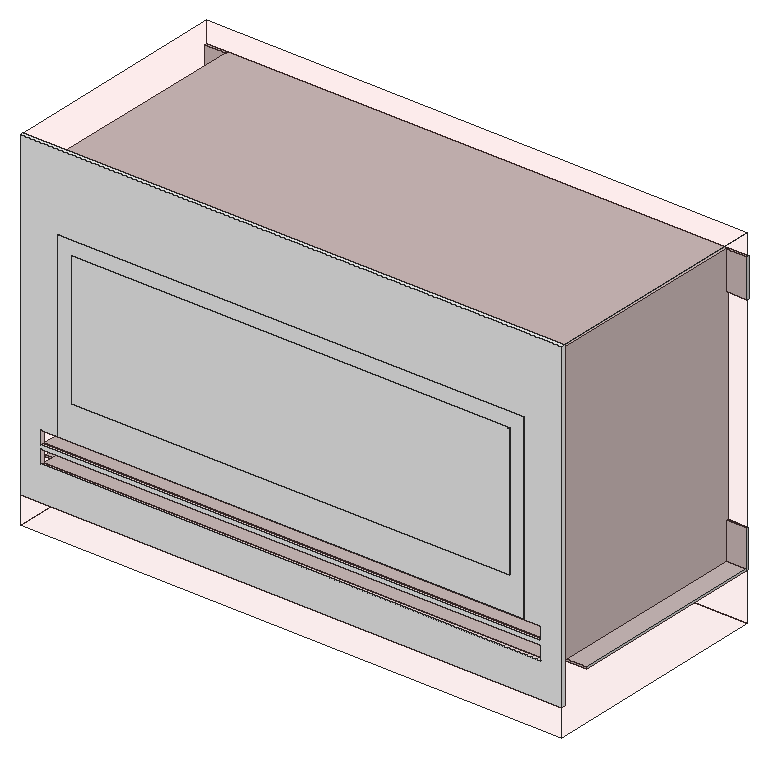
Revit family "Air-Curtain_Customer-Entry_PoweredAire_ECC", category Mechanical Equipment, host Face, Revit 2018
Family settings
  Host = Face
  Round Connector Dimension = Use Diameter
  Part Type = Normal
  OmniClass Number = 23.75.35.17.21
  OmniClass Title = Air Curtains
  Cut with Voids When Loaded = No
  Shared = No
  Room Calculation Point = No
Parameters
  Warranty Duration (Years) = 0
  Unit Width Notes = "Other Widths available."  # constant formula
  Unit Width = 3' - 3"
  Unit Weight = 0
  Unit Height = 1' - 4 3/4"
  Unit Depth = 1' - 11 1/4"
  URL = "http://www.poweredaire.com/"
  Test Data = ""
  Temperature Rise_Range = "as Specified"
  Standards Conformance = "as Specified"
  Specification = "http://www.arcat.com/sdspecs/htm04/23_34_33pai.htm"
  SpecWizard = ""
  Sound Pressure = "as Specified"
  Sales Information = "http://www.poweredaire.com/contact_us"
  Revision = "R1_2016-08"
  Projection from Host [instance] = 0' - 2"
  Product Properties = ""
  Product Data = "http://www.arcat.com/arcatcos/cos47/arc47623.html"
  Power Rating = 0 W
  Outlet Volume_Range = "as Specified"
  Outlet Velocity_Range = "as Specified"
  Nozzle Width = if(1 = 1, Unit Width - 0' 3", 0' 0")  # 3' - 0"
  Mounting Width = if(1 = 1, Unit Width - 0' 1 1/2", 0' 0")  # 3' - 1 1/2"
  Mounting Height [instance] = 3' - 6"
  Motor RPM = 0
  Motor HP = 0
  Motor Count = 0
  Model = "As Specified"
  Max Height = 0' - 0"
  Manufacturer Website = "http://www.poweredaire.com/"
  Manufacturer Phone - Toll Free = "888-321-2473"
  Manufacturer Phone = "724-588-3305"
  Manufacturer Fax = "724-588-3371"
  Manufacturer Address = "109 Mortensen Rd.  Greenville, PA 16125"
  Manufacturer = "Powered Aire, Inc"
  Maintenance Schedule (Months) = 0
  Keynote = "23 34 33"
  Installation-Fabrication = ""
  Installation Phase = ""
  Include Clearance [instance] = yes
  Heating Element Load = 0 W
  HVAC_Temperature Rise [instance] = 0 °F
  HVAC_Outlet Volume [instance] = 0 CFM
  HVAC_Outlet Velocity Uniformity = 0
  HVAC_Outlet Velocity [instance] = 0 FPM
  Green Building-LEED = "http://www.arcat.com/green/clients/leed_data_47623.html"
  Front Grating Material [instance] = Metal - Steel - PoweredAire - White Perforated
  Frame Finish [instance] = Metal - Steel - PoweredAire - Stainless 304
  Expected Lifespan (Years) = 0
  Electrical_Wattage [instance] = Power Rating + Heating Element Load  # 0 W
  Electrical_Voltage [instance] = 0 V
  Electrical_Phase [instance] = 1
  Electrical_Frequency [instance] = 0 Hz
  Electrical_Amperage [instance] = 0 A
  Drawn By = "Sumex Design, Inc. / Robert S. Weygant, CSI, CDT, SCIP"
  Description = "Powered Aire Air Curtain as Specified"
  Default Elevation = 0' - 0"  # constant formula
  Cover Finish [instance] = Metal - Steel - PoweredAire - White
  Copyright = "©Arcat Inc."
  Construction Details = "http://www.arcat.com/details/powair/prod3336.html"
  Clearance_Top [instance] = 0' - 0"
  Clearance_Side B [instance] = 0' - 0"
  Clearance_Side A [instance] = 0' - 0"
  Clearance_Intake [instance] = 0' - 0"
  Clearance_Front [instance] = 0' - 0"
  Clearance Material [instance] = ARCAT Clearance
  Building Codes = ""
  Available Options [instance] = "as Specified"
  Assembly Code = "D3090400"
Reference planes (in)
  plane 1 "Center (Elevation)": y = 8.51318
  plane 2: z = 0
  plane 3 "Center (Left/Right)": x = 0
  plane 4: y = 16.88818
  plane 5: y = 0.13818
  plane 6: x = -19.5
  plane 7: x = 19.5
  plane 8: z = 25.25
  plane 9 "FF": y = -41.86182
  plane 10: z = 2
  plane 11: x = 18
  plane 12: x = -18
  plane 13: y = 16.88818
  plane 14: y = 0.13818
  plane 15: x = -19.5
  plane 16: x = 19.5
  plane 17: z = 25.25
  plane 18: y = 0.38818
Forms (in)
  Extrusion 1, solid, material "ARCAT Clearance" <- "Clearance Material", visible <- "Include Clearance"
    sketch origin (0, 0, 0) x (0, 1, 0) y (0, 0, 1)
      loop
        line (0.13818, 25.25) -> (0.13818, 0) -> (16.88818, 0) -> (16.88818, 25.25) -> (0.13818, 25.25)
    from -19.5 to 19.5
  Extrusion 2, solid, material "Metal - Steel - PoweredAire - White" <- "Cover Finish"
    sketch origin (0, 8.51318, 0) x (1, 0, 0) y (0, 0, 1)
      loop
        line (-19.5, 25.25) -> (-19.5, 2) -> (19.5, 2) -> (19.5, 25.25) -> (-19.5, 25.25)
    from 8.125 to 8.375
  Extrusion 3, solid, material "Metal - Steel - PoweredAire - Stainless 304" <- "Frame Finish"
    sketch origin (0, 8.51318, 0) x (1, 0, 0) y (0, 0, 1)
      loop
        line (18, 23.75) -> (-18, 23.75) -> (-18, 3.5) -> (18, 3.5) -> (18, 23.75)
    from -8.375 to 8.125
  Extrusion 4, void
    sketch origin (0, 0, 0) x (0, 1, 0) y (0, 0, 1)
      loop
        line (0.13818, 5.5) -> (0.13818, 4.5) -> (1.88818, 4.5) -> (1.88818, 6.75) -> (0.13818, 6.75) -> (0.13818, 5.75) -> (1.63818, 5.75) -> (1.63818, 5.5) -> (0.13818, 5.5)
    from -18 to 18
  Extrusion 5, solid, material "Metal - Steel - PoweredAire - White" <- "Cover Finish"
    sketch origin (-11.83813, 0.13818, 48) x (-1, 0, 0) y (0, 0, 1)
      loop
        line (4.91187, -41.25) -> (4.91187, -28.25) -> (-28.58813, -28.25) -> (-28.58813, -41.25) -> (4.91187, -41.25)
    from 0 to -0.03125
  Extrusion 6, solid, material "Metal - Steel - PoweredAire - White Perforated" <- "Front Grating Material"
    sketch origin (-11.83813, 0.10693, 48) x (1, 0, 0) y (0, 0, 1)
      loop
        line (-3.91187, -29.25) -> (-3.91187, -38.75) -> (27.58813, -38.75) -> (27.58813, -29.25) -> (-3.91187, -29.25)
    from 0 to 0.03125
  Extrusion 7, solid, material "Metal - Steel - PoweredAire - Stainless 304" <- "Frame Finish"
    sketch origin (-15.17702, -180, 2) x (-1, 0, 0) y (0, -1, 0)
      loop
        line (-33.17702, -196.88818) -> (-33.17702, -182.38818) -> (-34.67702, -182.38818) -> (-34.67702, -196.88818) -> (-33.17702, -196.88818)
      loop
        line (2.82298, -196.88818) -> (4.32298, -196.88818) -> (4.32298, -182.38818) -> (2.82298, -182.38818) -> (2.82298, -196.88818)
    from 1.5 to 1.625
  Extrusion 8, solid, material "Metal - Steel - PoweredAire - Stainless 304" <- "Frame Finish"
    sketch origin (-11.83813, 16.88818, 48) x (-1, 0, 0) y (0, 0, 1)
      loop
        line (7.66187, -44.5) -> (7.66187, -41.75) -> (6.16187, -41.75) -> (6.16187, -44.5) -> (7.66187, -44.5)
      loop
        line (-31.33813, -44.5) -> (-29.83813, -44.5) -> (-29.83813, -41.75) -> (-31.33813, -41.75) -> (-31.33813, -44.5)
      loop
        line (7.66187, -27) -> (7.66187, -24.25) -> (6.16187, -24.25) -> (6.16187, -27) -> (7.66187, -27)
      loop
        line (-31.33813, -27) -> (-29.83813, -27) -> (-29.83813, -24.25) -> (-31.33813, -24.25) -> (-31.33813, -27)
    from 0 to -0.125
Cuts and joins
  Extrusion 4 cuts Extrusion 2
  Extrusion 4 cuts Extrusion 3
Dimensions and locks (in)
  equal spacing: plane 4, plane 1 "Center (Elevation)", plane 5
  "Unit Height": plane 4 to plane 5
  equal spacing: plane 6, plane 3 "Center (Left/Right)", plane 7
  "Unit Width": plane 6 to plane 7
  "Mounting Height": plane 5 to plane 9 "FF"
  "Projection from Host": plane 10 to level
  "Unit Depth": plane 8 to plane 10
  locked: plane 6 to plane 12 at 1.5
  locked: plane 11 to plane 7 at 1.5
  "Clearance_Side A": plane 7 to plane 16
  "Clearance_Side B": plane 15 to plane 6
  "Clearance_Top": plane 13 to plane 4
  "Clearance_Intake": plane 5 to plane 14
  "Clearance_Front": plane 17 to plane 8
  locked: plane 8 to Extrusion 3 sketch curve at 1.5
  locked: Extrusion 3 sketch curve to plane 10 at 1.5
  locked: plane 7 to Extrusion 3 sketch curve at 1.5
  locked: Extrusion 3 sketch curve to plane 6 at 1.5
  locked: plane 18 to plane 5 at 0.25
  Extrusion 4 sketch curve to Extrusion 4 sketch curve to Extrusion 4 sketch curve to Extrusion 4 sketch curve to plane 10 = 0' - 1" locked, 0' - 0 1/4" locked, 0' - 1" locked, 0' - 2 1/2" locked
  Extrusion 5 sketch curve to Extrusion 5 sketch curve to plane 10 = 1' - 1" locked, 0' - 4 3/4" locked
  locked: plane 11 to Extrusion 5 sketch curve at 1.25
  locked: Extrusion 5 sketch curve to plane 12 at 1.25
  Extrusion 6 sketch curve to Extrusion 6 sketch curve to plane 10 = 0' - 9 1/2" locked, 0' - 7 1/4" locked
  locked: Extrusion 6 sketch curve to plane 12 at 2.25
  locked: plane 11 to Extrusion 6 sketch curve at 2.25
  locked: plane 4 to Extrusion 7 sketch curve at 14.5  (x2)
  Extrusion 8 sketch curve to Extrusion 8 sketch curve to Extrusion 8 sketch curve to Extrusion 8 sketch curve to plane 10 = 0' - 2 3/4" locked, 1' - 2 3/4" locked, 0' - 2 3/4" locked, 0' - 1 1/2" locked  (x2)
  aligned and locked: plane 2 to host face
  aligned and locked: level to host face
  aligned and locked: Extrusion 1 sketch curve to plane 17
  aligned and locked: plane 14 to Extrusion 1 sketch curve
  aligned and locked: level to Extrusion 1 sketch curve
  aligned and locked: Extrusion 1 sketch curve to plane 13
  aligned and locked: plane 16 to Extrusion 1
  aligned and locked: Extrusion 1 to plane 15
  aligned and locked: Extrusion 2 sketch curve to plane 8
  aligned and locked: plane 6 to Extrusion 2 sketch curve
  aligned and locked: Extrusion 2 sketch curve to plane 10
  aligned and locked: Extrusion 2 sketch curve to plane 7
  aligned and locked: Extrusion 3 to plane 4
  aligned and locked: Extrusion 3 to plane 18
  aligned and locked: Extrusion 2 to plane 18
  aligned and locked: Extrusion 2 to plane 5
  aligned and locked: plane 11 to Extrusion 4
  aligned and locked: Extrusion 4 to plane 12
  aligned and locked: Extrusion 7 sketch curve to plane 4  (x2)
Automatic sketch dimensions
  host sketch curve to host sketch curve = 8' - 0"  (x2)
  Extrusion 4 sketch curve to plane 5 = 0' - 0"  (x2)
  plane 18 to Extrusion 4 sketch curve = 0' - 1 1/4"
  Extrusion 4 sketch curve to Extrusion 4 sketch curve = 0' - 0 1/4"
  Extrusion 7 sketch curve to plane 7 = 0' - 0"
  Extrusion 7 sketch curve to plane 11 = 0' - 0"
  Extrusion 7 sketch curve to plane 12 = 0' - 0"
  Extrusion 7 sketch curve to plane 6 = 0' - 0"
  Extrusion 8 sketch curve to plane 7 = 0' - 0"  (x2)
  Extrusion 8 sketch curve to plane 11 = 0' - 0"  (x2)
  Extrusion 8 sketch curve to plane 12 = 0' - 0"  (x2)
  Extrusion 8 sketch curve to plane 6 = 0' - 0"  (x2)
Connectors (in)
  electrical at (-18, 4.88818, 9.625), driven by "Electrical_Voltage", driven by "Electrical_Phase"
    settings: on cut or joined group of Extrusion 3, Extrusion 4, index 1, voltage 0 V, apparent load 0 VA, apparent load phase1 0 VA, apparent load phase2 0 VA, apparent load phase3 0 VA, power factor 1, load classification "Other", number of poles 1, system type 31, power factor state 1, is connector primary yes, connector utility no, sub classification motor no, connector description ""
